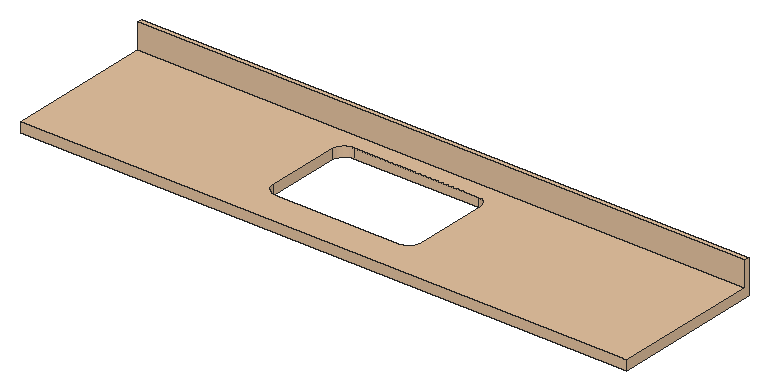
Revit family "M_Topo da bancada com buraco de escoamento", category Componentes de gabinete, Revit 2019
Family settings
  Número OmniClass = 23.40.35.17.47.11
  Título OmniClass = Kitchen Casework
  ID de item do Seek = Counter Top w Sink Hole-0000-CAN-ENU
  Com base no plano de trabalho = Não
  Sempre na vertical = Sim
  Corte com vazios quando carregada = Não
  Compartilhado = Sim
  Ponto de cálculo do ambiente = Não
Parameters (values of type "Profundidade 600 mm")
  Espessura da bancada = 40 mm
  Material do topo da bancada = none
  Linear = 625 mm
  Altura = 900 mm
  Comprimento [instance] = 2500 mm
  Localização da pia [instance] = 1200 mm
  Localização da pia em relação a parede [instance] = 100 mm
  Profundidade de abertura da pia [instance] = 378 mm
  Largura da abertura da pia [instance] = 587 mm
Reference planes
  plane 1 "Parte posterior": y = 0
  plane 2: z = 0
  plane 3 "Esquerda": x = -1200.462
  plane 4 "Direita": x = 1299.538
  plane 5 "Parte frontal": y = -625
  plane 6 "Superior": z = 900
  plane 7 "Topo do armário": z = 860
  plane 8: y = -19.05
  plane 9: z = 1001.6
  plane 10: x = -0.462
  plane 11: y = -100
  plane 12: x = 293.038
  plane 13: y = -478
  plane 14: x = -293.962
  plane 15: y = -87.3
  plane 16: x = 305.738
  plane 17: y = -490.7
  plane 18: x = -306.662
Forms (mm)
  Extrusion 1, solid, material <- "Material do topo da bancada"
    sketch origin (0, 0, 0) x (1, 0, 0) y (0, 1, 0)
      loop
        line (-1200.462, 0) -> (-1200.462, -625) -> (1299.538, -625) -> (1299.538, 0) -> (-1200.462, 0)
    from 860 to 900
  Extrusion 2, solid, material <- "Material do topo da bancada"
    sketch origin (0, 0, 0) x (1, 0, 0) y (0, 1, 0)
      loop
        line (1299.538, 0) -> (-1200.462, 0) -> (-1200.462, -19.05) -> (1299.538, -19.05) -> (1299.538, 0)
    from 900 to 1001.6
  Extrusion 3, void
    sketch origin (0, 0, 0) x (1, 0, 0) y (0, 1, 0)
      loop
        arc (-255.862, -87.3) -> (-291.783, -102.179) -> (-306.662, -138.1) r 50.8
        line (-306.662, -138.1) -> (-306.662, -439.9)
        arc (-306.662, -439.9) -> (-291.783, -475.821) -> (-255.862, -490.7) r 50.8
        line (-255.862, -490.7) -> (254.938, -490.7)
        arc (254.938, -490.7) -> (290.859, -475.821) -> (305.738, -439.9) r 50.8
        line (305.738, -439.9) -> (305.738, -138.1)
        arc (305.738, -138.1) -> (290.859, -102.179) -> (254.938, -87.3) r 50.8
        line (254.938, -87.3) -> (-255.862, -87.3)
    from 860 to 900
Cuts and joins
  Extrusion 3 cuts Extrusion 1
  Extrusion 3 cuts Extrusion 2
  joined: Extrusion 1, Extrusion 2
Lines and regions (mm)
  Masking region 1
    outline origin (0, 0, 860) x (0, -1, 0) y (1, 0, 0)
      loop
        line (0, -1200.462) -> (625, -1200.462) -> (625, 1299.538) -> (0, 1299.538) -> (0, -1200.462)
  symbolic lines, style "Topo da bancada"
    curve 1: line (-1200.462, -19.05, 860) -> (1299.538, -19.05, 860)
  symbolic lines, style "Abertura da pia"
    curve 2: line (-243.162, -100, 860) -> (242.238, -100, 860)
    curve 3: line (-293.962, -427.2, 860) -> (-293.962, -150.8, 860)
    curve 4: line (242.238, -478, 860) -> (-243.162, -478, 860)
    curve 5: line (293.038, -150.8, 860) -> (293.038, -427.2, 860)
    curve 6: arc (-293.962, -150.8, 860) -> (-279.083, -114.879, 860) -> (-243.162, -100, 860) r 50.8
    curve 7: arc (242.238, -100, 860) -> (278.159, -114.879, 860) -> (293.038, -150.8, 860) r 50.8
    curve 8: arc (293.038, -427.2, 860) -> (278.159, -463.121, 860) -> (242.238, -478, 860) r 50.8
    curve 9: arc (-243.162, -478, 860) -> (-279.083, -463.121, 860) -> (-293.962, -427.2, 860) r 50.8
Dimensions and locks
  "Linear": plane 5 "Parte frontal" to plane 1 "Parte posterior"
  "Comprimento": plane 3 "Esquerda" to plane 4 "Direita"
  "Altura": level to plane 6 "Superior"
  "Espessura da bancada": plane 7 "Topo do armário" to plane 6 "Superior"
  locked: plane 8 to plane 1 "Parte posterior" at 19.05
  plane 6 "Superior" to plane 9 = 101.6 mm
  "Largura da abertura da pia": plane 14 to plane 12
  "Profundidade de abertura da pia": plane 13 to plane 11
  "Localização da pia": plane 3 "Esquerda" to plane 10
  equal spacing: plane 14, plane 10, plane 12
  "Localização da pia em relação a parede": plane 11 to plane 1 "Parte posterior"
  locked: plane 11 to plane 15 at 12.7
  locked: plane 17 to plane 13 at 12.7
  locked: plane 18 to plane 14 at 12.7
  locked: plane 12 to plane 16 at 12.7
  aligned and locked: plane 1 "Parte posterior" to Extrusion 1 sketch curve
  aligned and locked: plane 4 "Direita" to Extrusion 1 sketch curve
  aligned and locked: Extrusion 1 sketch curve to plane 5 "Parte frontal"
  aligned and locked: Extrusion 1 sketch curve to plane 3 "Esquerda"
  aligned and locked: Extrusion 1 to plane 6 "Superior"
  aligned and locked: plane 7 "Topo do armário" to Extrusion 1
  aligned and locked: Extrusion 2 sketch curve to plane 1 "Parte posterior"
  aligned and locked: plane 8 to Extrusion 2 sketch curve
  aligned and locked: Extrusion 2 sketch curve to plane 4 "Direita"
  aligned and locked: plane 3 "Esquerda" to Extrusion 2 sketch curve
  aligned and locked: Extrusion 2 to plane 9
  aligned and locked: plane 6 "Superior" to Extrusion 2
  aligned and locked: Extrusion 3 to plane 6 "Superior"
  aligned and locked: Extrusion 1 to Extrusion 3
  aligned and locked: plane 15 to Extrusion 3 sketch curve
  aligned and locked: plane 16 to Extrusion 3 sketch curve
  aligned and locked: Extrusion 3 sketch curve to plane 17
  aligned and locked: Extrusion 3 sketch curve to plane 18
  aligned and locked: plane 1 "Parte posterior" to Masking region 1 sketch curve
  aligned and locked: plane 4 "Direita" to Masking region 1 sketch curve
  aligned and locked: Masking region 1 sketch curve to plane 5 "Parte frontal"
  aligned and locked: Masking region 1 sketch curve to plane 3 "Esquerda"
Automatic sketch dimensions
  Extrusion 3 sketch curve to plane 14 = 38.1 mm  (x2)
  plane 11 to Extrusion 3 sketch curve = 38.1 mm
  plane 12 to Extrusion 3 sketch curve = 38.1 mm
  curve 1 to plane 4 "Direita" = 0 mm
  curve 1 to plane 8 = 0 mm
  curve 1 to plane 3 "Esquerda" = 0 mm
  curve 7 to plane 11 = 0 mm
  curve 7 to plane 12 = 0 mm
  curve 6 to plane 14 = 0 mm
  curve 8 to plane 13 = 0 mm
  plane 11 to curve 7 = 50.8 mm
  curve 2 to curve 6 = 50.8 mm
  curve 5 to plane 13 = 50.8 mm
  curve 9 to plane 13 = 50.8 mm
